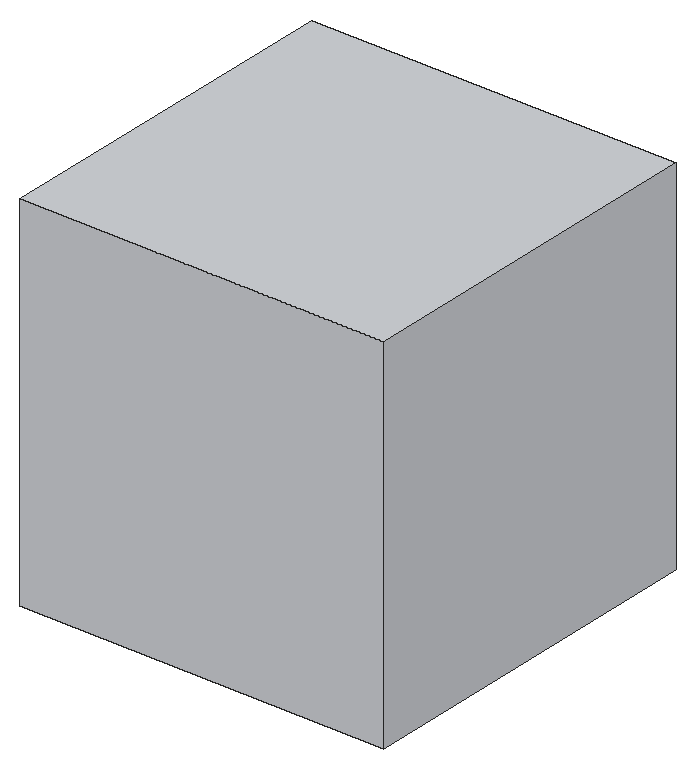
Revit family "WallHosted", category Generic Models, host Wall, Revit 2018
Family settings
  Host = Wall
  Can host rebar = No
  Round Connector Dimension = Use Diameter
  Part Type = Normal
  Always vertical = Yes
  Cut with Voids When Loaded = No
  Shared = No
  Room Calculation Point = No
Reference planes (in)
  plane 1: y = 0
  plane 2 "Center (Left/Right)": x = 0
  plane 3 "Wall Edge": y = 3
Forms (in)
  Extrusion 1, solid
    sketch origin (0, 0, 0) x (1, 0, 0) y (0, 1, 0)
      loop
        line (-6, 3) -> (6, 3) -> (6, 15) -> (-6, 15) -> (-6, 3)
    from 0 to 12
Text (in)
  text "Placement Side" at (0, 40.15149, 123.01588), in view "Right"
  text "Placement Side" at (-70.3804, 28.46503, 0), in view "Ref. Level"
  text "Placement Side" at (0, 81.62555, 140.59947), in view "Left"
Dimensions and locks (in)
  locked: plane 3 "Wall Edge" to host wall
  equal spacing: Extrusion 1 sketch curve, plane 2 "Center (Left/Right)", Extrusion 1 sketch curve
  Extrusion 1 sketch curve to Extrusion 1 sketch curve = 1' - 0"
  aligned and locked: Extrusion 1 sketch curve to plane 3 "Wall Edge"
